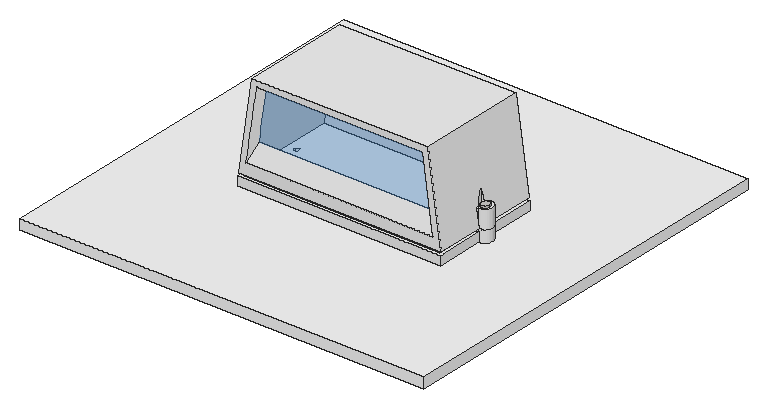
Revit family "BE_22359_de_DE", category Leuchten, Revit 2020
Family settings
  Basisbauteil = Fläche
  Bemaßung runder Anschluss = Durchmesser verwenden
  Teiletyp = Normal
  Beim Laden mit Abzugskörper schneiden = Ja
  Lichtquelle = Ja
  Gemeinsam genutzt = Nein
  Raumberechnungspunkt = Ja
Parameters (values of type "BEGA_22359_Weiß_K4")
  built-in parameter 1150104 = 11.679 (stored number, unit not read)
  Wattage = 10.5 W
  Default Elevation = 0 mm
  built-in parameter 1150113 = 1 (stored number, unit not read)
  built-in parameter 1114218 = 1 (stored number, unit not read)
  Umgebungstemperatur = "25 °C"
  URL = "https://www.bega.com/de/produkt/22359"
  Typenkommentare = "© 2022 BEGA. Wir behalten uns das Recht vor, technische Änderungen ohne vorherige Ankündigung vorzunehmen."  # constant formula
  Type Image = 22359.png
  built-in parameter 1150134 = 12
  built-in parameter 1150109 = 1 (stored number, unit not read)
  Strom = ""
  built-in parameter 1150110 = 1 (stored number, unit not read)
  Spannung = 239.996 V
  Sonderanfertigung = no
  Seriennummer [instance] = "Hier können Sie die eindeutige Seriennummer für das Facility Management eintragen."
  Schutzklasse = "I"
  Schutzart = "IP 65"
  Scheinlast = 0 VA
  Produktdatenblatt = "https://cdn.bega.com/bega/products/22359K4/current/documents/data-sheets/de"
  Oberflächentemperatur = ""
  Neigungswinkel = 0.00°
  Modell = "22359WK4"
  Material_10 = BEGA_Glas_matt
  Material_06 = BEGA_Oberfläche_Edelstahl_gebürstet
  Material_03 = BEGA_Oberfläche_Weiss_matt
  Material_02 = BEGA_Oberfläche_Silber_matt
  Material_01 [instance] = BEGA_Oberfläche_Grafit_matt
  M_W = yes
  M_G = no
  M_A = no
  Logo = 0
  built-in parameter 1114217 = 1 (stored number, unit not read)
  built-in parameter 1150139 = (empty or 0)
  built-in parameter 1150105 = 105.04 (stored number, unit not read)
  built-in parameter 1150114 = 1 (stored number, unit not read)
  Lumens = 1319.96 lm
  built-in parameter 1150115 = 1 (stored number, unit not read)
  Leuchtenlichtstrom = "469 lm"
  Leuchtenanzahl = ""
  Lebensdauerkriterien = "L70B50 @ 25 °C = 200000 h"
  Lastklassifizierung = Beleuchtung
  built-in parameter 1150112 = 1 (stored number, unit not read)
  Lampenlichtstrom = "1495 lm"
  Lampe = "LED 7.7 W"
  LED_Modulbezeichnung = "LED-1329/840"
  built-in parameter 1150142 = (empty or 0)
  Hersteller = "BEGA"  # constant formula
  Halbstreuwinkel = ""
  Gewicht = "1.5 kg"
  Gebrauchslageneinschränkung [instance] = ""
  Frequenz = "0/50-60 Hz"
  Farbwiedergabeindex = "CRI > 80"
  Farbtemperaturverschiebung bei Dämpfen der Lampe = <Keine Auswahl>
  Farbtemperatur = "4000 K"
  Color Filter = 16777215
  built-in parameter 1150133 = 10 (stored number, unit not read)
  Energieeffizienzklasse = "LED A++ - A"
  built-in parameter 1150137 = (empty or 0)
  built-in parameter 1150132 = (empty or 0)
  ENEC = "ja"
  Datei für fotometrisches Netz = "BE_22359K4.IES"
  CE_Konformität = "ja"
  Bestellnummer = "22359WK4"
  Beschreibung_Sonderanfertigung = "Hier können Sie Informationen zur Sonderanfertigung eintragen."
  Beschreibung = "Wandleuchte"
  built-in parameter 1150106 = 1.0504 (stored number, unit not read)
  Befestigungsbohrung = "Ø 5 mm"
  Befestigungsabstand = "172 mm"
  Ballwurfsicher = ""
  BEGA_Intern_aus = yes
  BEGA_Intern_an = yes
  BEGA_Intern_Konstruktion = yes
  BEGA_Intern = yes
  BEGA_IES = yes
  BEGA_Dummy = no
  Anschlussleitung = ""
  Anschlussleistung [instance] = "9.5 W"
  built-in parameter 1150107 = 4000 (stored number, unit not read)
  built-in parameter 1150102 = (empty or 0)
  built-in parameter 1150138 = (empty or 0)
  Aktualisierung = "2022-05-18T04:00:07"
  Abstand_zur_angestrahlten_Fläche [instance] = ""
  AC/DC = "AC/DC"
Types (6, lengths in mm): name | built-in parameter 1150104 | built-in parameter 1150134 | Modell | M_W | M_G | M_A | built-in parameter 1150105 | Lumens | Leuchtenlichtstrom | Lampenlichtstrom | LED_Modulbezeichnung | Farbtemperatur | Datei für fotometrisches Netz | Bestellnummer | built-in parameter 1150106 | built-in parameter 1150107
  BEGA_22359_Grafit_K3 | 10.883 (stored number, unit not read) | (empty or 0) | "22359K3" | no | yes | no | 97.878 (stored number, unit not read) | 1229.97 lm | "463 lm" | "1475 lm" | "LED-1329/830" | "3000 K" | "BE_22359K3.IES" | "22359K3" | 0.97878 (stored number, unit not read) | 3000 (stored number, unit not read)
  BEGA_22359_Weiß_K4 | 11.679 (stored number, unit not read) | 12 | "22359WK4" | yes | no | no | 105.04 (stored number, unit not read) | 1319.96 lm | "469 lm" | "1495 lm" | "LED-1329/840" | "4000 K" | "BE_22359K4.IES" | "22359WK4" | 1.0504 (stored number, unit not read) | 4000 (stored number, unit not read)
  BEGA_22359_Weiß_K3 | 10.883 (stored number, unit not read) | (empty or 0) | "22359WK3" | yes | no | no | 97.878 (stored number, unit not read) | 1229.97 lm | "463 lm" | "1475 lm" | "LED-1329/830" | "3000 K" | "BE_22359K3.IES" | "22359WK3" | 0.97878 (stored number, unit not read) | 3000 (stored number, unit not read)
  BEGA_22359_Grafit_K4 | 11.679 (stored number, unit not read) | 12 | "22359K4" | no | yes | no | 105.04 (stored number, unit not read) | 1319.96 lm | "469 lm" | "1495 lm" | "LED-1329/840" | "4000 K" | "BE_22359K4.IES" | "22359K4" | 1.0504 (stored number, unit not read) | 4000 (stored number, unit not read)
  BEGA_22359_Silber_K4 | 11.679 (stored number, unit not read) | 12 | "22359AK4" | no | no | yes | 105.04 (stored number, unit not read) | 1319.96 lm | "469 lm" | "1495 lm" | "LED-1329/840" | "4000 K" | "BE_22359K4.IES" | "22359AK4" | 1.0504 (stored number, unit not read) | 4000 (stored number, unit not read)
  BEGA_22359_Silber_K3 | 10.883 (stored number, unit not read) | (empty or 0) | "22359AK3" | no | no | yes | 97.878 (stored number, unit not read) | 1229.97 lm | "463 lm" | "1475 lm" | "LED-1329/830" | "3000 K" | "BE_22359K3.IES" | "22359AK3" | 0.97878 (stored number, unit not read) | 3000 (stored number, unit not read)
Reference planes
  plane 1 "Mitte (Vorne/Hinten)": y = 0
  plane 2: z = 0
  plane 3 "Mitte (Links/Rechts)": x = 0
  plane 4 "Links": x = -107.51
  plane 5 "Rechts": x = 107.51
  plane 6 "Unten": y = -55
  plane 7 "Oben": y = 55
  plane 8 "Vorne": z = 100
Forms (mm)
  Extrusion 1, solid, material "BEGA_Platte_Weiss"
    sketch origin (0, -1119.2, 0) x (1, 0, 0) y (0, 1, 0)
      loop
        line (-200, 1319.2) -> (-200, 919.2) -> (200, 919.2) -> (200, 1319.2) -> (-200, 1319.2)
    from 0 to -10
  Extrusion 2, solid, material "BEGA_Dummy_matt", visible <- "BEGA_Dummy"
    sketch origin (80.095, -76.023, 0) x (1, 0, 0) y (0, 1, 0)
      loop
        line (-187.605, 131.023) -> (-187.605, 21.023) -> (27.415, 21.023) -> (27.415, 131.023) -> (-187.605, 131.023)
    from 0 to 100
Dimensions and locks
  plane 1 "Mitte (Vorne/Hinten)" to Extrusion 1 = 200 mm
  aligned and locked: plane 2 to Extrusion 1
  aligned and locked: level to Extrusion 1
Nested families
  nested 1: "BE_22359" at (0, 0, 0), type "BE_22359"
Connectors
  electrical at (0, 0, 0), driven by "Lastklassifizierung", driven by "Spannung", driven by "Scheinlast"
    settings: index 1, voltage 239.996 V, apparent load 0 VA, apparent load phase1 0 VA, apparent load phase2 0 VA, apparent load phase3 0 VA, power factor 1, load classification "Beleuchtung", number of poles 1, system type 31, power factor state 1, is connector primary yes, connector utility no, sub classification motor no, connector description ""
Definition of nested family "BE_22359"
  Parameters (values of type "BE_22359")
    Default Elevation = 1 mm
    URL = "http://www.bega.de/de/produkt"
    Type Comments = "© 2015 BEGA. Wir behalten uns das Recht vor, technische Änderungen ohne vorherige Ankündigung vorzunehmen. "  # constant formula
    Type Image = (empty or 0)
    Material_17 = none
    Material_15 = none
    Material_11 = none
    Material_10 = none
    Material_09 = none
    Material_06 = none
    Material_03 = none
    Material_02 = none
    Material_01 = none
    M_W = yes
    M_G = yes
    M_A = yes
    Länge_Platte = 300 mm  # constant formula
    Höhe_Platte = -10 mm  # constant formula
    Manufacturer = "BEGA"  # constant formula
    Breite_Platte = 200 mm  # constant formula
  Reference planes
    plane 1 "Mitte (Oben/Unten)": y = 0
    plane 2: z = 0
    plane 3 "Mitte (Links/Rechts)": x = 0
    plane 4 "Vorne": z = 100
    plane 5 "Hinten": z = 0
    plane 6 "Oben": y = 55
    plane 7: x = -107.51
    plane 8: x = 107.51
    plane 9: y = -55
  Forms (mm)
    Extrusion 1, solid, detail levels medium
      sketch origin (0, 0, 0) x (1, 0, 0) y (0, 1, 0)
        loop
          line (-150, 100) -> (-150, -100) -> (150, -100) -> (150, 100) -> (-150, 100)
      from 0 to -10 <- "Höhe_Platte"
    Sweep 2, solid, material <- "Material_01", visible <- "M_G", detail levels medium+fine
      path origin (0, 0, 0) x (1, 0, 0) y (0, 1, 0)
        loop
          line (-100, -55) -> (100, -55) -> (100, 55) -> (-100, 55) -> (-100, -55)
      profile origin (-100, 0, 0) x (-1, 0, 0) y (0, 0, 1)
        loop
          line (0, 9) -> (-3.356, 9) -> (-3.356, 12.905) -> (-43.349, 12.905) -> (-43.349, 9) -> (-6.765, 9) -> (-6.765, 0) -> (0, 0) -> (0, 9)
    Extrusion 3, solid, material <- "Material_01", visible <- "M_G", detail levels medium+fine
      sketch origin (0, 0, 0) x (1, 0, 0) y (0, 0, 1)
        loop
          line (-86.831, 100) -> (-100, 12) -> (-96.967, 12) -> (-83.797, 100) -> (-86.831, 100)
      from -54.6 to 54.6
    Extrusion 4, solid, material <- "Material_01", visible <- "M_G", detail levels medium+fine
      sketch origin (0, 0, 0) x (-1, 0, 0) y (0, 0, -1)
        loop
          line (-86.831, -100) -> (-83.797, -100) -> (-96.967, -12) -> (-100, -12) -> (-86.831, -100)
      from -54.6 to 54.6
    Extrusion 5, solid, material <- "Material_01", visible <- "M_G", detail levels medium+fine
      sketch origin (0, 0, 0) x (1, 0, 0) y (0, 1, 0)
        loop
          line (-56.651, 11.651) -> (-56.651, -11.651) -> (56.651, -11.651) -> (56.651, 11.651) -> (-56.651, 11.651)
      from 9 to 12.905
    Extrusion 6, solid, material <- "Material_01", visible <- "M_G", detail levels medium+fine
      sketch origin (0, 0, 0) x (1, 0, 0) y (0, 0, 1)
        loop
          line (-86.831, 100) -> (-100, 12) -> (100, 12) -> (86.831, 100) -> (-86.831, 100)
      from 48.1 to 54.6
    Extrusion 7, solid, material <- "Material_01", visible <- "M_G", detail levels medium+fine
      sketch origin (0, 0, 0) x (1, 0, 0) y (0, 0, -1)
        loop
          line (-86.831, -100) -> (86.831, -100) -> (100, -12) -> (-100, -12) -> (-86.831, -100)
      from 46.6 to 54.6
    Extrusion 8, solid, material <- "Material_01", visible <- "M_G", detail levels medium+fine
      sketch origin (0, 0, 0) x (1, 0, 0) y (0, 1, 0)
        loop
          line (-84.07, 50.138) -> (-84.07, -50.138) -> (84.067, -50.138) -> (84.067, 50.138) -> (-84.07, 50.138)
      from 97.035 to 100
    Extrusion 9, solid, material <- "Material_01", visible <- "M_G", detail levels medium+fine
      sketch origin (0, 0, 0) x (1, 0, 0) y (0, 1, 0)
        loop
          arc (-100, 7.51) -> (-107.51, 0) -> (-100, -7.51) r 7.51
          line (-100, -7.51) -> (-96.967, -7.51) -> (-96.967, 7.51) -> (-100, 7.51)
      from 0 to 12
    Extrusion 10, solid, material <- "Material_01", visible <- "M_G", detail levels medium+fine
      sketch origin (0, 0, 0) x (-1, 0, 0) y (0, -1, 0)
        loop
          line (-100, -7.51) -> (-96.967, -7.51) -> (-96.967, 7.51) -> (-100, 7.51)
          arc (-100, 7.51) -> (-107.51, 0) -> (-100, -7.51) r 7.51
      from 0 to 12
    Extrusion 11, solid, material <- "Material_01", visible <- "M_G", detail levels medium+fine
      sketch origin (0, 0, 0) x (1, 0, 0) y (0, 1, 0)
        loop
          line (-96.967, 7.51) -> (-100, 7.51)
          arc (-100, 7.51) -> (-107.51, 0) -> (-100, -7.51) r 7.51
          line (-100, -7.51) -> (-96.967, -7.51) -> (-96.967, 7.51)
      from 12 to 29.5
    Extrusion 12, solid, material <- "Material_01", visible <- "M_G", detail levels medium+fine
      sketch origin (0, 0, 0) x (-1, 0, 0) y (0, -1, 0)
        loop
          line (-96.967, -7.51) -> (-96.967, 7.51) -> (-100, 7.51)
          arc (-100, 7.51) -> (-107.51, 0) -> (-100, -7.51) r 7.51
          line (-100, -7.51) -> (-96.967, -7.51)
      from 12 to 29.5
    Sweep 13, solid, material <- "Material_02", visible <- "M_A", detail levels medium+fine
      path origin (0, 0, 0) x (1, 0, 0) y (0, 1, 0)
        loop
          line (-100, -55) -> (100, -55) -> (100, 55) -> (-100, 55) -> (-100, -55)
      profile origin (-100, 0, 0) x (-1, 0, 0) y (0, 0, 1)
        loop
          line (0, 9) -> (-3.356, 9) -> (-3.356, 12.905) -> (-43.349, 12.905) -> (-43.349, 9) -> (-6.765, 9) -> (-6.765, 0) -> (0, 0) -> (0, 9)
    Extrusion 14, solid, material <- "Material_02", visible <- "M_A", detail levels medium+fine
      sketch origin (0, 0, 0) x (1, 0, 0) y (0, 1, 0)
        loop
          line (-56.651, 11.651) -> (-56.651, -11.651) -> (56.651, -11.651) -> (56.651, 11.651) -> (-56.651, 11.651)
      from 9 to 12.905
    Extrusion 15, solid, material <- "Material_02", visible <- "M_A", detail levels medium+fine
      sketch origin (0, 0, 0) x (1, 0, 0) y (0, 1, 0)
        loop
          arc (-100, 7.51) -> (-107.51, 0) -> (-100, -7.51) r 7.51
          line (-100, -7.51) -> (-96.967, -7.51) -> (-96.967, 7.51) -> (-100, 7.51)
      from 0 to 12
    Extrusion 16, solid, material <- "Material_02", visible <- "M_A", detail levels medium+fine
      sketch origin (0, 0, 0) x (-1, 0, 0) y (0, -1, 0)
        loop
          line (-100, -7.51) -> (-96.967, -7.51) -> (-96.967, 7.51) -> (-100, 7.51)
          arc (-100, 7.51) -> (-107.51, 0) -> (-100, -7.51) r 7.51
      from 0 to 12
    Sweep 17, solid, material <- "Material_03", visible <- "M_W", detail levels medium+fine
      path origin (0, 0, 0) x (1, 0, 0) y (0, 1, 0)
        loop
          line (-100, -55) -> (100, -55) -> (100, 55) -> (-100, 55) -> (-100, -55)
      profile origin (-100, 0, 0) x (-1, 0, 0) y (0, 0, 1)
        loop
          line (0, 9) -> (-3.356, 9) -> (-3.356, 12.905) -> (-43.349, 12.905) -> (-43.349, 9) -> (-6.765, 9) -> (-6.765, 0) -> (0, 0) -> (0, 9)
    Extrusion 18, solid, material <- "Material_03", visible <- "M_W", detail levels medium+fine
      sketch origin (0, 0, 0) x (1, 0, 0) y (0, 1, 0)
        loop
          line (-56.651, 11.651) -> (-56.651, -11.651) -> (56.651, -11.651) -> (56.651, 11.651) -> (-56.651, 11.651)
      from 9 to 12.905
    Extrusion 19, solid, material <- "Material_03", visible <- "M_W", detail levels medium+fine
      sketch origin (0, 0, 0) x (1, 0, 0) y (0, 1, 0)
        loop
          arc (-100, 7.51) -> (-107.51, 0) -> (-100, -7.51) r 7.51
          line (-100, -7.51) -> (-96.967, -7.51) -> (-96.967, 7.51) -> (-100, 7.51)
      from 0 to 12
    Extrusion 20, solid, material <- "Material_03", visible <- "M_W", detail levels medium+fine
      sketch origin (0, 0, 0) x (-1, 0, 0) y (0, -1, 0)
        loop
          line (-100, -7.51) -> (-96.967, -7.51) -> (-96.967, 7.51) -> (-100, 7.51)
          arc (-100, 7.51) -> (-107.51, 0) -> (-100, -7.51) r 7.51
      from 0 to 12
    Extrusion 21, solid, material <- "Material_02", visible <- "M_A", detail levels medium+fine
      sketch origin (0, 0, 0) x (1, 0, 0) y (0, 0, 1)
        loop
          line (-86.831, 100) -> (-100, 12) -> (-96.967, 12) -> (-83.797, 100) -> (-86.831, 100)
      from -54.6 to 54.6
    Extrusion 22, solid, material <- "Material_02", visible <- "M_A", detail levels medium+fine
      sketch origin (0, 0, 0) x (-1, 0, 0) y (0, 0, -1)
        loop
          line (-86.831, -100) -> (-83.797, -100) -> (-96.967, -12) -> (-100, -12) -> (-86.831, -100)
      from -54.6 to 54.6
    Extrusion 23, solid, material <- "Material_02", visible <- "M_A", detail levels medium+fine
      sketch origin (0, 0, 0) x (1, 0, 0) y (0, 0, 1)
        loop
          line (-86.831, 100) -> (-100, 12) -> (100, 12) -> (86.831, 100) -> (-86.831, 100)
      from 48.1 to 54.6
    Extrusion 24, solid, material <- "Material_02", visible <- "M_A", detail levels medium+fine
      sketch origin (0, 0, 0) x (1, 0, 0) y (0, 0, -1)
        loop
          line (-86.831, -100) -> (86.831, -100) -> (100, -12) -> (-100, -12) -> (-86.831, -100)
      from 46.6 to 54.6
    Extrusion 25, solid, material <- "Material_02", visible <- "M_A", detail levels medium+fine
      sketch origin (0, 0, 0) x (1, 0, 0) y (0, 1, 0)
        loop
          line (-84.07, 50.138) -> (-84.07, -50.138) -> (84.067, -50.138) -> (84.067, 50.138) -> (-84.07, 50.138)
      from 97.035 to 100
    Extrusion 26, solid, material <- "Material_02", visible <- "M_A", detail levels medium+fine
      sketch origin (0, 0, 0) x (1, 0, 0) y (0, 1, 0)
        loop
          line (-96.967, 7.51) -> (-100, 7.51)
          arc (-100, 7.51) -> (-107.51, 0) -> (-100, -7.51) r 7.51
          line (-100, -7.51) -> (-96.967, -7.51) -> (-96.967, 7.51)
      from 12 to 29.5
    Extrusion 27, solid, material <- "Material_02", visible <- "M_A", detail levels medium+fine
      sketch origin (0, 0, 0) x (-1, 0, 0) y (0, -1, 0)
        loop
          line (-96.967, -7.51) -> (-96.967, 7.51) -> (-100, 7.51)
          arc (-100, 7.51) -> (-107.51, 0) -> (-100, -7.51) r 7.51
          line (-100, -7.51) -> (-96.967, -7.51)
      from 12 to 29.5
    Extrusion 28, solid, material <- "Material_03", visible <- "M_W", detail levels medium+fine
      sketch origin (0, 0, 0) x (1, 0, 0) y (0, 0, 1)
        loop
          line (-86.831, 100) -> (-100, 12) -> (-96.967, 12) -> (-83.797, 100) -> (-86.831, 100)
      from -54.6 to 54.6
    Extrusion 29, solid, material <- "Material_03", visible <- "M_W", detail levels medium+fine
      sketch origin (0, 0, 0) x (-1, 0, 0) y (0, 0, -1)
        loop
          line (-86.831, -100) -> (-83.797, -100) -> (-96.967, -12) -> (-100, -12) -> (-86.831, -100)
      from -54.6 to 54.6
    Extrusion 30, solid, material <- "Material_03", visible <- "M_W", detail levels medium+fine
      sketch origin (0, 0, 0) x (1, 0, 0) y (0, 0, 1)
        loop
          line (-86.831, 100) -> (-100, 12) -> (100, 12) -> (86.831, 100) -> (-86.831, 100)
      from 48.1 to 54.6
    Extrusion 31, solid, material <- "Material_03", visible <- "M_W", detail levels medium+fine
      sketch origin (0, 0, 0) x (1, 0, 0) y (0, 0, -1)
        loop
          line (-86.831, -100) -> (86.831, -100) -> (100, -12) -> (-100, -12) -> (-86.831, -100)
      from 46.6 to 54.6
    Extrusion 32, solid, material <- "Material_03", visible <- "M_W", detail levels medium+fine
      sketch origin (0, 0, 0) x (1, 0, 0) y (0, 1, 0)
        loop
          line (-84.07, 50.138) -> (-84.07, -50.138) -> (84.067, -50.138) -> (84.067, 50.138) -> (-84.07, 50.138)
      from 97.035 to 100
    Extrusion 33, solid, material <- "Material_03", visible <- "M_W", detail levels medium+fine
      sketch origin (0, 0, 0) x (1, 0, 0) y (0, 1, 0)
        loop
          line (-96.967, 7.51) -> (-100, 7.51)
          arc (-100, 7.51) -> (-107.51, 0) -> (-100, -7.51) r 7.51
          line (-100, -7.51) -> (-96.967, -7.51) -> (-96.967, 7.51)
      from 12 to 29.5
    Extrusion 34, solid, material <- "Material_03", visible <- "M_W", detail levels medium+fine
      sketch origin (0, 0, 0) x (-1, 0, 0) y (0, -1, 0)
        loop
          line (-96.967, -7.51) -> (-96.967, 7.51) -> (-100, 7.51)
          arc (-100, 7.51) -> (-107.51, 0) -> (-100, -7.51) r 7.51
          line (-100, -7.51) -> (-96.967, -7.51)
      from 12 to 29.5
    Blend 35, void
      base sketch origin (0, -48.1, 0) x (1, 0, 0) y (0, 0, 1)
        loop
          line (-78.207, 90.083) -> (-85.508, 41.497) -> (85.508, 41.497) -> (78.207, 90.083) -> (-78.207, 90.083)
      top sketch origin (0, 0, 0) x (1, 0, 0) y (0, 0, 1)
        loop
          line (-82.092, 94.5) -> (-92.945, 21.98) -> (92.945, 21.98) -> (82.092, 94.5) -> (-82.092, 94.5)
      from 0 to 55
    Extrusion 36, solid, material <- "Material_10", detail levels medium+fine
      sketch origin (0, 0, 0) x (1, 0, 0) y (0, 0, 1)
        loop
          line (-84.391, 96.032) -> (-93.288, 36.582) -> (93.288, 36.582) -> (84.391, 96.032) -> (-84.391, 96.032)
      from 44.1 to 48.235
    Revolve 37, void
      sketch origin (0, 0, 0) x (1, 0, 0) y (0, 0, 1)
        loop
          line (-104.55, 25.7) -> (-102.4, 25.7) -> (-102.4, -1.901) -> (-100, -1.901) -> (-100, 45.7) -> (-104.55, 45.7) -> (-104.55, 25.7)
        axis (-100, -1.901) -> (-100, 45.7)
      angle from 0 to 360
    Revolve 38, void
      sketch origin (0, 0, 0) x (-1, 0, 0) y (0, 0, 1)
        loop
          line (-104.55, 25.7) -> (-102.4, 25.7) -> (-102.4, -1.901) -> (-100, -1.901) -> (-100, 45.7) -> (-104.55, 45.7) -> (-104.55, 25.7)
        axis (-100, -1.901) -> (-100, 45.7)
      angle from 0 to 360
    Extrusion 39, solid, material <- "Material_06", detail levels fine
      sketch origin (0, 0, 0) x (1, 0, 0) y (0, 1, 0)
        loop
          circle (-100, 0) r 4.25
      from 25.7 to 30.7
    Extrusion 40, solid, material <- "Material_06", detail levels fine
      sketch origin (0, 0, 0) x (-1, 0, 0) y (0, -1, 0)
        loop
          circle (-100, 0) r 4.25
      from 25.7 to 30.7
    Extrusion 41, void
      sketch origin (0, 0, 0) x (1, 0, 0) y (0, 1, 0)
        loop
          circle (0, -32.956) r 7.5
        loop
          circle (50, -32.956) r 7.5
        loop
          circle (-86, 0) r 2.5
        loop
          circle (86, 0) r 2.5
      from 0 to 16.986
  Cuts and joins
    Revolve 37, Revolve 38, Extrusion 41 cuts Sweep 2
    Revolve 37, Revolve 38, Extrusion 41 cuts Extrusion 5
    Revolve 37, Revolve 38, Extrusion 41 cuts Extrusion 9
    Revolve 37, Revolve 38, Extrusion 41 cuts Extrusion 10
    joined: Sweep 2, Extrusion 5, Extrusion 9, Extrusion 10
    Blend 35, Revolve 37, Revolve 38, Extrusion 41 cuts Extrusion 3
    Blend 35, Revolve 37, Revolve 38, Extrusion 41 cuts Extrusion 4
    Blend 35, Revolve 37, Revolve 38, Extrusion 41 cuts Extrusion 6
    Blend 35, Revolve 37, Revolve 38, Extrusion 41 cuts Extrusion 7
    Blend 35, Revolve 37, Revolve 38, Extrusion 41 cuts Extrusion 8
    Blend 35, Revolve 37, Revolve 38, Extrusion 41 cuts Extrusion 11
    Blend 35, Revolve 37, Revolve 38, Extrusion 41 cuts Extrusion 12
    joined: Extrusion 3, Extrusion 4, Extrusion 6, Extrusion 7, Extrusion 8, Extrusion 11, Extrusion 12
    Revolve 37, Revolve 38, Extrusion 41 cuts Sweep 13
    Revolve 37, Revolve 38, Extrusion 41 cuts Extrusion 14
    Revolve 37, Revolve 38, Extrusion 41 cuts Extrusion 15
    Revolve 37, Revolve 38, Extrusion 41 cuts Extrusion 16
    joined: Sweep 13, Extrusion 14, Extrusion 15, Extrusion 16
    Revolve 37, Revolve 38, Extrusion 41 cuts Sweep 17
    Revolve 37, Revolve 38, Extrusion 41 cuts Extrusion 18
    Revolve 37, Revolve 38, Extrusion 41 cuts Extrusion 19
    Revolve 37, Revolve 38, Extrusion 41 cuts Extrusion 20
    joined: Sweep 17, Extrusion 18, Extrusion 19, Extrusion 20
    Revolve 37, Revolve 38, Extrusion 41 cuts Extrusion 21
    Revolve 37, Revolve 38, Extrusion 41 cuts Extrusion 22
    Blend 35, Revolve 37, Revolve 38, Extrusion 41 cuts Extrusion 23
    Revolve 37, Revolve 38, Extrusion 41 cuts Extrusion 24
    Revolve 37, Revolve 38, Extrusion 41 cuts Extrusion 25
    Revolve 37, Revolve 38, Extrusion 41 cuts Extrusion 26
    Revolve 37, Revolve 38, Extrusion 41 cuts Extrusion 27
    joined: Extrusion 21, Extrusion 22, Extrusion 23, Extrusion 24, Extrusion 25, Extrusion 26, Extrusion 27
    Blend 35, Revolve 37, Revolve 38, Extrusion 41 cuts Extrusion 28
    Blend 35, Revolve 37, Revolve 38, Extrusion 41 cuts Extrusion 29
    Blend 35, Revolve 37, Revolve 38, Extrusion 41 cuts Extrusion 30
    Blend 35, Revolve 37, Revolve 38, Extrusion 41 cuts Extrusion 31
    Blend 35, Revolve 37, Revolve 38, Extrusion 41 cuts Extrusion 32
    Blend 35, Revolve 37, Revolve 38, Extrusion 41 cuts Extrusion 33
    Blend 35, Revolve 37, Revolve 38, Extrusion 41 cuts Extrusion 34
    joined: Extrusion 28, Extrusion 29, Extrusion 30, Extrusion 31, Extrusion 32, Extrusion 33, Extrusion 34
  Dimensions and locks
    equal spacing: Extrusion 1 sketch curve, plane 3 "Mitte (Links/Rechts)", Extrusion 1 sketch curve
    equal spacing: Extrusion 1 sketch curve, plane 1 "Mitte (Oben/Unten)", Extrusion 1 sketch curve
    "Länge_Platte": Extrusion 1 sketch curve to Extrusion 1 sketch curve
    "Breite_Platte": Extrusion 1 sketch curve to Extrusion 1 sketch curve
    aligned and locked: plane 2 to Extrusion 1
    aligned and locked: level to Extrusion 1
  Automatic sketch dimensions
    Sweep 2 sketch curve to plane 3 "Mitte (Links/Rechts)" = 100 mm
    plane 3 "Mitte (Links/Rechts)" to Sweep 2 sketch curve = 100 mm
    plane 1 "Mitte (Oben/Unten)" to Sweep 2 sketch curve = 55 mm
    Sweep 2 sketch curve to plane 1 "Mitte (Oben/Unten)" = 55 mm
    Sweep 2 sketch curve to level = 0 mm
    Sweep 2 sketch curve to profile plane = 0 mm
    profile plane to Sweep 2 sketch curve = 3.356 mm
    Sweep 2 sketch curve to Sweep 2 sketch curve = 3.409 mm
    level to Sweep 2 sketch curve = 9 mm
    Sweep 2 sketch curve to Sweep 2 sketch curve = 36.584 mm
    Sweep 2 sketch curve to Sweep 2 sketch curve = 0 mm
    Sweep 2 sketch curve to Sweep 2 sketch curve = 3.905 mm
    level to Extrusion 3 sketch curve = 12 mm
    Extrusion 3 sketch curve to plane 3 "Mitte (Links/Rechts)" = 100 mm
    Extrusion 3 sketch curve to Extrusion 3 sketch curve = 3.033 mm  (x2)
    Extrusion 3 sketch curve to plane 3 "Mitte (Links/Rechts)" = 86.831 mm
    Extrusion 3 sketch curve to Extrusion 3 sketch curve = 88 mm
    Extrusion 4 sketch curve to level = 12 mm
    Extrusion 4 sketch curve to plane 3 "Mitte (Links/Rechts)" = 100 mm
    Extrusion 4 sketch curve to Extrusion 4 sketch curve = 3.033 mm  (x2)
    Extrusion 4 sketch curve to plane 3 "Mitte (Links/Rechts)" = 86.831 mm
    Extrusion 4 sketch curve to Extrusion 4 sketch curve = 88 mm
    plane 1 "Mitte (Oben/Unten)" to Extrusion 5 sketch curve = 11.651 mm
    Extrusion 5 sketch curve to plane 3 "Mitte (Links/Rechts)" = 56.651 mm
    plane 3 "Mitte (Links/Rechts)" to Extrusion 5 sketch curve = 56.651 mm
    Extrusion 5 sketch curve to plane 1 "Mitte (Oben/Unten)" = 11.651 mm
    level to Extrusion 6 sketch curve = 12 mm
    Extrusion 6 sketch curve to plane 3 "Mitte (Links/Rechts)" = 100 mm
    Extrusion 6 sketch curve to plane 3 "Mitte (Links/Rechts)" = 86.831 mm
    plane 3 "Mitte (Links/Rechts)" to Extrusion 6 sketch curve = 86.831 mm
    Extrusion 6 sketch curve to Extrusion 6 sketch curve = 13.169 mm
    Extrusion 6 sketch curve to Extrusion 6 sketch curve = 88 mm
    level to Extrusion 7 sketch curve = 12 mm
    Extrusion 7 sketch curve to plane 3 "Mitte (Links/Rechts)" = 100 mm
    Extrusion 7 sketch curve to plane 3 "Mitte (Links/Rechts)" = 86.831 mm
    plane 3 "Mitte (Links/Rechts)" to Extrusion 7 sketch curve = 86.831 mm
    Extrusion 7 sketch curve to Extrusion 7 sketch curve = 13.169 mm
    Extrusion 7 sketch curve to Extrusion 7 sketch curve = 88 mm
    Extrusion 8 sketch curve to plane 3 "Mitte (Links/Rechts)" = 84.07 mm
    plane 3 "Mitte (Links/Rechts)" to Extrusion 8 sketch curve = 84.067 mm
    plane 1 "Mitte (Oben/Unten)" to Extrusion 8 sketch curve = 50.138 mm
    Extrusion 8 sketch curve to plane 1 "Mitte (Oben/Unten)" = 50.138 mm
    plane 1 "Mitte (Oben/Unten)" to Extrusion 9 sketch curve = 0 mm
    plane 1 "Mitte (Oben/Unten)" to Extrusion 9 sketch curve = 7.51 mm
    Extrusion 9 sketch curve to plane 3 "Mitte (Links/Rechts)" = 100 mm
    Extrusion 9 sketch curve to Extrusion 9 sketch curve = 3.033 mm
    Extrusion 9 sketch curve to Extrusion 9 sketch curve = 0 mm
    plane 1 "Mitte (Oben/Unten)" to Extrusion 10 sketch curve = 0 mm
    Extrusion 10 sketch curve to plane 1 "Mitte (Oben/Unten)" = 7.51 mm
    Extrusion 10 sketch curve to plane 3 "Mitte (Links/Rechts)" = 100 mm
    Extrusion 10 sketch curve to Extrusion 10 sketch curve = 3.033 mm
    Extrusion 10 sketch curve to Extrusion 10 sketch curve = 0 mm
    plane 1 "Mitte (Oben/Unten)" to Extrusion 11 sketch curve = 0 mm
    Extrusion 11 sketch curve to plane 1 "Mitte (Oben/Unten)" = 7.51 mm
    Extrusion 11 sketch curve to plane 3 "Mitte (Links/Rechts)" = 100 mm
    Extrusion 11 sketch curve to Extrusion 11 sketch curve = 3.033 mm
    plane 1 "Mitte (Oben/Unten)" to Extrusion 12 sketch curve = 0 mm
    plane 1 "Mitte (Oben/Unten)" to Extrusion 12 sketch curve = 7.51 mm
    Extrusion 12 sketch curve to plane 3 "Mitte (Links/Rechts)" = 100 mm
    Extrusion 12 sketch curve to Extrusion 12 sketch curve = 3.033 mm
    Sweep 13 sketch curve to plane 3 "Mitte (Links/Rechts)" = 100 mm
    plane 3 "Mitte (Links/Rechts)" to Sweep 13 sketch curve = 100 mm
    plane 1 "Mitte (Oben/Unten)" to Sweep 13 sketch curve = 55 mm
    Sweep 13 sketch curve to plane 1 "Mitte (Oben/Unten)" = 55 mm
    Sweep 13 sketch curve to level = 0 mm
    Sweep 13 sketch curve to profile plane = 0 mm
    profile plane to Sweep 13 sketch curve = 3.356 mm
    Sweep 13 sketch curve to Sweep 13 sketch curve = 3.409 mm
    level to Sweep 13 sketch curve = 9 mm
    Sweep 13 sketch curve to Sweep 13 sketch curve = 36.584 mm
    Sweep 13 sketch curve to Sweep 13 sketch curve = 0 mm
    Sweep 13 sketch curve to Sweep 13 sketch curve = 3.905 mm
    plane 1 "Mitte (Oben/Unten)" to Extrusion 14 sketch curve = 11.651 mm
    Extrusion 14 sketch curve to plane 3 "Mitte (Links/Rechts)" = 56.651 mm
    plane 3 "Mitte (Links/Rechts)" to Extrusion 14 sketch curve = 56.651 mm
    Extrusion 14 sketch curve to plane 1 "Mitte (Oben/Unten)" = 11.651 mm
    plane 1 "Mitte (Oben/Unten)" to Extrusion 15 sketch curve = 0 mm
    plane 1 "Mitte (Oben/Unten)" to Extrusion 15 sketch curve = 7.51 mm
    Extrusion 15 sketch curve to plane 3 "Mitte (Links/Rechts)" = 100 mm
    Extrusion 15 sketch curve to Extrusion 15 sketch curve = 3.033 mm
    Extrusion 15 sketch curve to Extrusion 15 sketch curve = 0 mm
    plane 1 "Mitte (Oben/Unten)" to Extrusion 16 sketch curve = 0 mm
    Extrusion 16 sketch curve to plane 1 "Mitte (Oben/Unten)" = 7.51 mm
    Extrusion 16 sketch curve to plane 3 "Mitte (Links/Rechts)" = 100 mm
    Extrusion 16 sketch curve to Extrusion 16 sketch curve = 3.033 mm
    Extrusion 16 sketch curve to Extrusion 16 sketch curve = 0 mm
    Sweep 17 sketch curve to plane 3 "Mitte (Links/Rechts)" = 100 mm
    plane 3 "Mitte (Links/Rechts)" to Sweep 17 sketch curve = 100 mm
    plane 1 "Mitte (Oben/Unten)" to Sweep 17 sketch curve = 55 mm
    Sweep 17 sketch curve to plane 1 "Mitte (Oben/Unten)" = 55 mm
    Sweep 17 sketch curve to level = 0 mm
    Sweep 17 sketch curve to profile plane = 0 mm
    profile plane to Sweep 17 sketch curve = 3.356 mm
    Sweep 17 sketch curve to Sweep 17 sketch curve = 3.409 mm
    level to Sweep 17 sketch curve = 9 mm
    Sweep 17 sketch curve to Sweep 17 sketch curve = 36.584 mm
    Sweep 17 sketch curve to Sweep 17 sketch curve = 0 mm
    Sweep 17 sketch curve to Sweep 17 sketch curve = 3.905 mm
    plane 1 "Mitte (Oben/Unten)" to Extrusion 18 sketch curve = 11.651 mm
    Extrusion 18 sketch curve to plane 3 "Mitte (Links/Rechts)" = 56.651 mm
    plane 3 "Mitte (Links/Rechts)" to Extrusion 18 sketch curve = 56.651 mm
    Extrusion 18 sketch curve to plane 1 "Mitte (Oben/Unten)" = 11.651 mm
    plane 1 "Mitte (Oben/Unten)" to Extrusion 19 sketch curve = 0 mm
    plane 1 "Mitte (Oben/Unten)" to Extrusion 19 sketch curve = 7.51 mm
    Extrusion 19 sketch curve to plane 3 "Mitte (Links/Rechts)" = 100 mm
    Extrusion 19 sketch curve to Extrusion 19 sketch curve = 3.033 mm
    Extrusion 19 sketch curve to Extrusion 19 sketch curve = 0 mm
    plane 1 "Mitte (Oben/Unten)" to Extrusion 20 sketch curve = 0 mm
    Extrusion 20 sketch curve to plane 1 "Mitte (Oben/Unten)" = 7.51 mm
    Extrusion 20 sketch curve to plane 3 "Mitte (Links/Rechts)" = 100 mm
    Extrusion 20 sketch curve to Extrusion 20 sketch curve = 3.033 mm
    Extrusion 20 sketch curve to Extrusion 20 sketch curve = 0 mm
    level to Extrusion 21 sketch curve = 12 mm
    Extrusion 21 sketch curve to plane 3 "Mitte (Links/Rechts)" = 100 mm
    Extrusion 21 sketch curve to Extrusion 21 sketch curve = 3.033 mm  (x2)
    Extrusion 21 sketch curve to plane 3 "Mitte (Links/Rechts)" = 86.831 mm
    Extrusion 21 sketch curve to Extrusion 21 sketch curve = 88 mm
    Extrusion 22 sketch curve to level = 12 mm
    Extrusion 22 sketch curve to plane 3 "Mitte (Links/Rechts)" = 100 mm
    Extrusion 22 sketch curve to Extrusion 22 sketch curve = 3.033 mm  (x2)
    Extrusion 22 sketch curve to plane 3 "Mitte (Links/Rechts)" = 86.831 mm
    Extrusion 22 sketch curve to Extrusion 22 sketch curve = 88 mm
    level to Extrusion 23 sketch curve = 12 mm
    Extrusion 23 sketch curve to plane 3 "Mitte (Links/Rechts)" = 100 mm
    Extrusion 23 sketch curve to plane 3 "Mitte (Links/Rechts)" = 86.831 mm
    plane 3 "Mitte (Links/Rechts)" to Extrusion 23 sketch curve = 86.831 mm
    Extrusion 23 sketch curve to Extrusion 23 sketch curve = 13.169 mm
    Extrusion 23 sketch curve to Extrusion 23 sketch curve = 88 mm
    level to Extrusion 24 sketch curve = 12 mm
    Extrusion 24 sketch curve to plane 3 "Mitte (Links/Rechts)" = 100 mm
    Extrusion 24 sketch curve to plane 3 "Mitte (Links/Rechts)" = 86.831 mm
    plane 3 "Mitte (Links/Rechts)" to Extrusion 24 sketch curve = 86.831 mm
    Extrusion 24 sketch curve to Extrusion 24 sketch curve = 13.169 mm
    Extrusion 24 sketch curve to Extrusion 24 sketch curve = 88 mm
    Extrusion 25 sketch curve to plane 3 "Mitte (Links/Rechts)" = 84.07 mm
    plane 3 "Mitte (Links/Rechts)" to Extrusion 25 sketch curve = 84.067 mm
    plane 1 "Mitte (Oben/Unten)" to Extrusion 25 sketch curve = 50.138 mm
    Extrusion 25 sketch curve to plane 1 "Mitte (Oben/Unten)" = 50.138 mm
    plane 1 "Mitte (Oben/Unten)" to Extrusion 26 sketch curve = 0 mm
    Extrusion 26 sketch curve to plane 1 "Mitte (Oben/Unten)" = 7.51 mm
    Extrusion 26 sketch curve to plane 3 "Mitte (Links/Rechts)" = 100 mm
    Extrusion 26 sketch curve to Extrusion 26 sketch curve = 3.033 mm
    plane 1 "Mitte (Oben/Unten)" to Extrusion 27 sketch curve = 0 mm
    plane 1 "Mitte (Oben/Unten)" to Extrusion 27 sketch curve = 7.51 mm
    Extrusion 27 sketch curve to plane 3 "Mitte (Links/Rechts)" = 100 mm
    Extrusion 27 sketch curve to Extrusion 27 sketch curve = 3.033 mm
    level to Extrusion 28 sketch curve = 12 mm
    Extrusion 28 sketch curve to plane 3 "Mitte (Links/Rechts)" = 100 mm
    Extrusion 28 sketch curve to Extrusion 28 sketch curve = 3.033 mm  (x2)
    Extrusion 28 sketch curve to plane 3 "Mitte (Links/Rechts)" = 86.831 mm
    Extrusion 28 sketch curve to Extrusion 28 sketch curve = 88 mm
    Extrusion 29 sketch curve to level = 12 mm
    Extrusion 29 sketch curve to plane 3 "Mitte (Links/Rechts)" = 100 mm
    Extrusion 29 sketch curve to Extrusion 29 sketch curve = 3.033 mm  (x2)
    Extrusion 29 sketch curve to plane 3 "Mitte (Links/Rechts)" = 86.831 mm
    Extrusion 29 sketch curve to Extrusion 29 sketch curve = 88 mm
    level to Extrusion 30 sketch curve = 12 mm
    Extrusion 30 sketch curve to plane 3 "Mitte (Links/Rechts)" = 100 mm
    Extrusion 30 sketch curve to plane 3 "Mitte (Links/Rechts)" = 86.831 mm
    plane 3 "Mitte (Links/Rechts)" to Extrusion 30 sketch curve = 86.831 mm
    Extrusion 30 sketch curve to Extrusion 30 sketch curve = 13.169 mm
    Extrusion 30 sketch curve to Extrusion 30 sketch curve = 88 mm
    level to Extrusion 31 sketch curve = 12 mm
    Extrusion 31 sketch curve to plane 3 "Mitte (Links/Rechts)" = 100 mm
    Extrusion 31 sketch curve to plane 3 "Mitte (Links/Rechts)" = 86.831 mm
    plane 3 "Mitte (Links/Rechts)" to Extrusion 31 sketch curve = 86.831 mm
    Extrusion 31 sketch curve to Extrusion 31 sketch curve = 13.169 mm
    Extrusion 31 sketch curve to Extrusion 31 sketch curve = 88 mm
    Extrusion 32 sketch curve to plane 3 "Mitte (Links/Rechts)" = 84.07 mm
    plane 3 "Mitte (Links/Rechts)" to Extrusion 32 sketch curve = 84.067 mm
    plane 1 "Mitte (Oben/Unten)" to Extrusion 32 sketch curve = 50.138 mm
    Extrusion 32 sketch curve to plane 1 "Mitte (Oben/Unten)" = 50.138 mm
    plane 1 "Mitte (Oben/Unten)" to Extrusion 33 sketch curve = 0 mm
    Extrusion 33 sketch curve to plane 1 "Mitte (Oben/Unten)" = 7.51 mm
    Extrusion 33 sketch curve to plane 3 "Mitte (Links/Rechts)" = 100 mm
    Extrusion 33 sketch curve to Extrusion 33 sketch curve = 3.033 mm
    plane 1 "Mitte (Oben/Unten)" to Extrusion 34 sketch curve = 0 mm
    plane 1 "Mitte (Oben/Unten)" to Extrusion 34 sketch curve = 7.51 mm
    Extrusion 34 sketch curve to plane 3 "Mitte (Links/Rechts)" = 100 mm
    Extrusion 34 sketch curve to Extrusion 34 sketch curve = 3.033 mm
    level to Blend 35 sketch curve = 41.497 mm
    Blend 35 sketch curve to plane 3 "Mitte (Links/Rechts)" = 85.508 mm
    Blend 35 sketch curve to Blend 35 sketch curve = 7.301 mm  (x2)
    plane 3 "Mitte (Links/Rechts)" to Blend 35 sketch curve = 78.207 mm
    Blend 35 sketch curve to Blend 35 sketch curve = 48.586 mm
    level to Blend 35 sketch curve = 21.98 mm
    Blend 35 sketch curve to plane 3 "Mitte (Links/Rechts)" = 92.945 mm
    Blend 35 sketch curve to Blend 35 sketch curve = 10.853 mm  (x2)
    plane 3 "Mitte (Links/Rechts)" to Blend 35 sketch curve = 82.092 mm
    Blend 35 sketch curve to Blend 35 sketch curve = 72.52 mm
    level to Extrusion 36 sketch curve = 36.582 mm
    Extrusion 36 sketch curve to plane 3 "Mitte (Links/Rechts)" = 93.288 mm
    Extrusion 36 sketch curve to Extrusion 36 sketch curve = 8.897 mm  (x2)
    plane 3 "Mitte (Links/Rechts)" to Extrusion 36 sketch curve = 84.391 mm
    Extrusion 36 sketch curve to Extrusion 36 sketch curve = 59.451 mm
    Revolve 37 sketch curve to level = 0 mm
    level to Revolve 37 sketch curve = 45.7 mm
    Revolve 37 sketch curve to Revolve 37 sketch curve = 2.15 mm
    Revolve 37 sketch curve to Revolve 37 sketch curve = 2.4 mm
    Revolve 37 sketch curve to level = 1.901 mm
    Revolve 37 sketch curve to Revolve 37 sketch curve = 20 mm
    Revolve 37 sketch curve to Revolve 37 sketch curve = 0 mm
    Revolve 37 sketch curve to Revolve 37 sketch curve = 7.759 mm
    Revolve 38 sketch curve to level = 0 mm
    Revolve 38 sketch curve to level = 45.7 mm
    Revolve 38 sketch curve to Revolve 38 sketch curve = 2.15 mm
    Revolve 38 sketch curve to Revolve 38 sketch curve = 2.4 mm
    level to Revolve 38 sketch curve = 1.901 mm
    Revolve 38 sketch curve to Revolve 38 sketch curve = 20 mm
    Revolve 38 sketch curve to Revolve 38 sketch curve = 0 mm
    Revolve 38 sketch curve to Revolve 38 sketch curve = 7.759 mm
    plane 1 "Mitte (Oben/Unten)" to Extrusion 39 sketch curve = 0 mm
    Extrusion 39 sketch curve to plane 3 "Mitte (Links/Rechts)" = 100 mm
    plane 1 "Mitte (Oben/Unten)" to Extrusion 40 sketch curve = 0 mm
    Extrusion 40 sketch curve to plane 3 "Mitte (Links/Rechts)" = 100 mm
    Extrusion 41 sketch curve to plane 3 "Mitte (Links/Rechts)" = 0 mm
    plane 3 "Mitte (Links/Rechts)" to Extrusion 41 sketch curve = 50 mm
    plane 1 "Mitte (Oben/Unten)" to Extrusion 41 sketch curve = 32.956 mm  (x2)
    Revolve 37 sketch curve to plane 3 "Mitte (Links/Rechts)" = 104.55 mm
    Revolve 38 sketch curve to plane 3 "Mitte (Links/Rechts)" = 104.55 mm
    radius of Extrusion 39 sketch curve = 4.25 mm
    radius of Extrusion 40 sketch curve = 4.25 mm
    radius of Extrusion 41 sketch curve = 7.5 mm  (x2)
